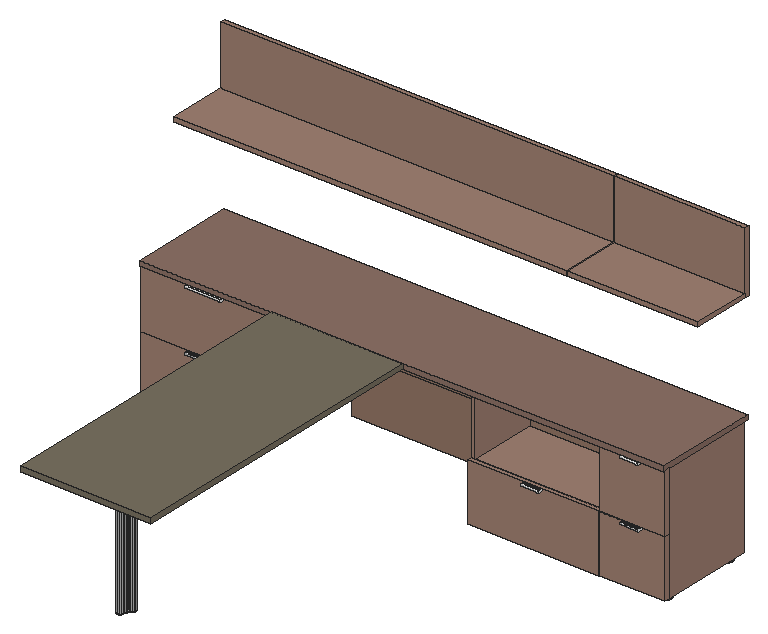
Revit family "T100092", category Furniture, Revit 2022
Family settings
  OmniClass Number = 23.40.20.00
  OmniClass Title = General Furniture and Specialties
  Work Plane-Based = No
  Always vertical = Yes
  Cut with Voids When Loaded = No
  Render Appearance Source = Family Geometry
  Shared = No
  Room Calculation Point = No
Parameters (values of type "T100092")
  URL = "https://ofs.com/"
  Model = "T100092"
  Manufacturer = "OFS"
  Description = "OFS TYPICAL T100092"
  Default Elevation = 0' - 0"
  Copyright © = "©OFS 2021"
  Catalog = "https://ofs.com/2020-experience"
  Authoring Version = "Autodesk Revit Architecture 2015"
  Assembly Code = "E2020400"
Reference planes (in)
  plane 1 "Center Front/Back": y = 0
  plane 2: z = 0
  plane 3 "Center Left/Right": x = 0
Dimensions and locks (in)
  aligned and locked: level to plane 2
  aligned and locked: nested 10 to nested 9
Nested families (in)
  nested 1: "OFS_APTOS_MODULAR_CABINET_TOP_LONG_GRAIN" at (-0.00001, 16.6243, 0) x (-1, 0, 0) z (0, 0, 1), type "MODULAR CABINET TOP 34-12024"
  nested 2: "OFS_APTOS_FILLER_PANEL" at (49, 28.12379, 0.75) x (1, 0, 0) z (0, 0, 1), type "FILLER PANEL 34-2806."
    with W 0' - 8"
  nested 3: "OFS_APTOS_FOLD_ DOWN _ACCESS_ BACK _PANEL" at (9.51255, 25.6404, 0) x (0, -1, 0) z (0, 0, 1), type "FOLD DOWN ACCESS BACK PANEL 34-28MFBA"
  nested 4: "OFS_APTOS_RUNOFF _WORKSURFACE_RECTANGLE" at (-14.73264, -31.37571, 0) x (0, 1, 0) z (0, 0, 1), type "RUNOFF WORKSURFACE, RECTANGLE 34-7230"
  nested 5: "OFS_APTOS_LOW_HEIGHT_MODULAR_BACK_PANEL" at (29.77847, 22.21413, 0), type "LOW HEIGHT MODULAR BACK PANEL 34-L2830"
  nested 6: "OFS_APTOS_TRIFOIL_COLUMN" at (-14.73263, -56.12803, 0) x (0, -1, 0) z (0, 0, 1), type "TRIFOIL COLUMN 34-TFC"
  nested 7: "APTOS WORKSURFACE HEIGHT MODULAR PEDESTAL FILE-FILE 15-18IN" at (52.5, 27.68934, 0), type "APTOS WORKSURFACE HEIGHT MODULAR PEDESTAL FILE-FILE 15W x 24D"
  nested 8: "APTOS WORKSURFACE HEIGHT MODULAR PEDESTAL FILE-FILE 30-36IN" at (-45, 27.49929, 0), type "APTOS WORKSURFACE HEIGHT MODULAR PEDESTAL FILE-FILE 30W x 24D"
  nested 9: "APTOS WALLMOUNT OPEN SHELF ORGANIZER Cantilevered Fixed Shelf" at (45.11188, 28.75, 0), type "APTOS WALLMOUNT OPEN SHELF ORGANIZER Cantilevered Fixed Shelf 30""
    with Bottom Board Offset 4' - 5 3/4"
  nested 10: "APTOS WALLMOUNT OPEN SHELF ORGANIZER Cantilevered Fixed Shelf" at (-14.88812, 28.75, 0), type "APTOS WALLMOUNT OPEN SHELF ORGANIZER Cantilevered Fixed Shelf 90""
    with Bottom Board Offset 4' - 5 3/4"
  nested 11: "OFS_APTOS_FILLER_PANEL" at (-56, 28.12379, 0.75) x (1, 0, 0) z (0, 0, 1), type "FILLER PANEL 34-2806."
    with W 0' - 8"
  nested 12: "OFS_APTOS_FILLER_PANEL" at (9.51255, 28.09901, 0), type "FILLER PANEL 34-2806"
  nested 13: "OFS APTOS Worksurface Height Modular Pedestal Open-File 18" at (29.86188, 27.6243, 0), type "Worksurface Height Modular Pedestal Open/File 18"
    with Width 2' - 6"
Definition of nested family "OFS_APTOS_MODULAR_CABINET_TOP_LONG_GRAIN"
  Parameters (values of type "MODULAR CABINET TOP 34-9024")
    W = 7' - 6"
    URL = "http://ofsbrands.com/products/casegoods/private-office/aptos"
    Model = "34-9024MCT"
    Manufacturer = "OFS BRANDS"
    H = 0' - 1 3/16"
    MODULAR CABINET TOP = none
    Description = "OFS BRANDS Aptos Series"
    Default Elevation = 0' - 0"
    D = 2' - 0"
    Cost = 0
    Copyright © = "© OFS BRANDS 2016"
    Catalog = "OFS BRANDS http://ofs.com"
    Authoring Version = "Autodesk Revit Architecture 2013"
    Assembly Code = "E2020200"
  Types (17): name | W | Model
    (no name) | 7' - 6" | "34-9024MCT"
    MODULAR CABINET TOP 34-11424 | 9' - 6" | "34-11424MCT"
    MODULAR CABINET TOP 34-12024 | 10' - 0" | "34-12024MCT"
    MODULAR CABINET TOP 34-10824 | 9' - 0" | "34-10824MCT"
    MODULAR CABINET TOP 34-10224 | 8' - 6" | "34-10224MCT"
    MODULAR CABINET TOP 34-9624 | 8' - 0" | "34-9624MCT"
    MODULAR CABINET TOP 34-9024 | 7' - 6" | "34-9024MCT"
    MODULAR CABINET TOP 34-8424 | 7' - 0" | "34-8424MCT"
    MODULAR CABINET TOP 34-7824 | 6' - 6" | "34-7824MCT"
    MODULAR CABINET TOP 34-7224 | 6' - 0" | "34-7224MCT"
    MODULAR CABINET TOP 34-6624 | 5' - 6" | "34-6624MCT"
    MODULAR CABINET TOP 34-6024 | 5' - 0" | "34-6024MCT"
    MODULAR CABINET TOP 34-5424 | 4' - 6" | "34-5424MCT"
    MODULAR CABINET TOP 34-4824 | 4' - 0" | "34-4824MCT"
    MODELAR CABINET TOP 34-4224 | 3' - 6" | "34-4224MCT"
    MODELAR CABINET TOP 34-3624 | 3' - 0" | "34-3624MCT"
    MODULAR CABINET TOP 34-3024 | 2' - 6" | "34-3024MCT"
  Reference planes (in)
    plane 1 "Center (Front/Back)": y = 0
    plane 2: z = 0
    plane 3 "Center (Left/Right)": x = 0
    plane 4: x = -45
    plane 5: x = 45
    plane 6: y = 12
    plane 7: y = -12
    plane 8: z = 28.3125
    plane 9: z = 29.5
  Forms (in)
    Extrusion 1, solid, material <- "MODULAR CABINET TOP"
      sketch origin (0, 0, 0) x (1, 0, 0) y (0, 1, 0)
        loop
          line (-45, 12) -> (-45, -12) -> (45, -12) -> (45, 12) -> (-45, 12)
      from 28.3125 to 29.5
  Dimensions and locks (in)
    equal spacing: plane 4, plane 3 "Center (Left/Right)", plane 5
    equal spacing: plane 7, plane 1 "Center (Front/Back)", plane 6
    "D": plane 7 to plane 6
    "H": plane 9 to plane 8
    plane 8 to level = 2' - 4 5/16"
    "W": plane 4 to plane 5
    aligned and locked: level to plane 2
    aligned and locked: plane 6 to Extrusion 1 sketch curve
    aligned and locked: plane 4 to Extrusion 1 sketch curve
    aligned and locked: Extrusion 1 sketch curve to plane 7
    aligned and locked: Extrusion 1 sketch curve to plane 5
    aligned and locked: Extrusion 1 to plane 9
    aligned and locked: Extrusion 1 to plane 8
Definition of nested family "OFS_APTOS_FILLER_PANEL"
  Parameters (values of type "FILLER PANEL 34-2806")
    W = 0' - 6"
    URL = "http://ofsbrands.com/products/casegoods/private-office/aptos"
    Model = "34-2806BFP"
    Manufacturer = "OFS BRANDS"
    FILLER PANEL = none
    Description = "OFS BRANDS Aptos Series"
    Default Elevation = 0' - 0"
    D = 0' - 1"
    Cost = 0
    Copyright © = "© OFS BRANDS 2016"
    Catalog = "OFS BRANDS http://ofs.com"
    Authoring Version = "Autodesk Revit Architecture 2013"
    Assembly Code = "E2020200"
    1 = 0' - 0.06"
  Reference planes (in)
    plane 1 "Center (Front/Back)": y = 0
    plane 2: z = 0
    plane 3 "Center (Left/Right)": x = 0
    plane 4: x = -3
    plane 5: x = 3
    plane 6: y = 0.5
    plane 7: y = -0.5
    plane 8: z = 1.5
    plane 9: z = 28.312
    plane 10: y = -0.61861
    plane 11: x = -2.94
    plane 12: x = -2.25
    plane 13: x = 2.94
    plane 14: x = 2.25
    plane 15: z = 28.2495
    plane 16: z = 1.5625
  Forms (in)
    Extrusion 1, solid, material <- "FILLER PANEL"
      sketch origin (0, 0, 0) x (1, 0, 0) y (0, 1, 0)
        loop
          line (-3, 0.5) -> (-3, -0.5) -> (3, -0.5) -> (3, 0.5) -> (-3, 0.5)
      from 1.5 to 28.312
    Extrusion 2, solid, material <- "FILLER PANEL"
      sketch origin (0, 0, 0) x (1, 0, 0) y (0, 1, 0)
        loop
          line (-2.94, -0.5) -> (-2.94, -0.61861) -> (-2.25, -0.61861) -> (-2.25, -0.5) -> (-2.94, -0.5)
      from 1.5625 to 28.2495
    Extrusion 3, solid, material <- "FILLER PANEL"
      sketch origin (0, 0, 0) x (1, 0, 0) y (0, 1, 0)
        loop
          line (2.25, -0.5) -> (2.25, -0.61861) -> (2.94, -0.61861) -> (2.94, -0.5) -> (2.25, -0.5)
      from 1.5625 to 28.2495
  Dimensions and locks (in)
    equal spacing: plane 7, plane 1 "Center (Front/Back)", plane 6
    "D": plane 7 to plane 6
    "W": plane 4 to plane 5
    equal spacing: plane 4, plane 3 "Center (Left/Right)", plane 5
    locked: plane 10 to plane 7 at 0.11861
    "1": plane 4 to plane 11
    locked: plane 11 to plane 12 at 0.69
    locked: plane 14 to plane 13 at 0.69
    "1": plane 13 to plane 5
    aligned and locked: level to plane 2
    aligned and locked: plane 6 to Extrusion 1 sketch curve
    aligned and locked: plane 4 to Extrusion 1 sketch curve
    aligned and locked: Extrusion 1 sketch curve to plane 7
    aligned and locked: Extrusion 1 sketch curve to plane 5
    aligned and locked: plane 7 to Extrusion 2 sketch curve
    aligned and locked: plane 11 to Extrusion 2 sketch curve
    aligned and locked: Extrusion 2 sketch curve to plane 10
    aligned and locked: Extrusion 2 sketch curve to plane 12
    aligned and locked: plane 15 to Extrusion 2
    aligned and locked: Extrusion 2 to plane 16
    aligned and locked: plane 7 to Extrusion 3 sketch curve
    aligned and locked: plane 14 to Extrusion 3 sketch curve
    aligned and locked: Extrusion 3 sketch curve to plane 10
    aligned and locked: Extrusion 3 sketch curve to plane 13
    aligned and locked: plane 15 to Extrusion 3
    aligned and locked: Extrusion 1 to plane 8
    aligned and locked: plane 9 to Extrusion 1
Definition of nested family "OFS_APTOS_FOLD_ DOWN _ACCESS_ BACK _PANEL"
  Parameters (values of type "FOLD DOWN ACCESS BACK PANEL 34-28MFBB")
    W = 4' - 0.06"
    URL = "http://ofsbrands.com/products/casegoods/private-office/aptos"
    Support Bracket in Center Attaches to Worksurface = yes
    Support Bracket = none
    Model = "34-28MFBB"
    Manufacturer = "OFS BRANDS"
    H2 = 0' - 10.99482"
    H1 = 1' - 1 15/64"
    H = 2' - 2.48325"
    FOOT_2 = none
    FOOT = none
    Panel = none
    Description = "OFS BRANDS Aptos Series"
    Default Elevation = 0' - 0"
    D = 0' - 5 3/4"
    Cost = 0
    Copyright © = "© OFS BRANDS 2016"
    Catalog = "OFS BRANDS http://ofs.com"
    Authoring Version = "Autodesk Revit Architecture 2013"
    Assembly Code = "E2020200"
  Types (5): name | W | Support Bracket in Center Attaches to Worksurface | Model
    (no name) | 4' - 0.06" | yes | "34-28MFBB"
    FOLD DOWN ACCESS BACK PANEL 34-28MFBD | 1' - 0" | no | "34-28MFBD"
    FOLD DOWN ACCESS BACK PANEL 34-28MFBC | 2' - 6" | no | "34-28MFBC"
    FOLD DOWN ACCESS BACK PANEL 34-28MFBB | 4' - 0.06" | yes | "34-28MFBB"
    FOLD DOWN ACCESS BACK PANEL 34-28MFBA | 5' - 11" | yes | "34-28MFBA"
  Reference planes (in)
    plane 1 "Center (Front/Back)": y = 0
    plane 2: z = 0
    plane 3 "Center (Left/Right)": x = 0
    plane 4: x = -2.875
    plane 5: x = 2.875
    plane 6: y = 24.03
    plane 7: y = -24.03
    plane 8 "F2": y = 22.00621
    plane 9 "F1": y = -22.0534
    plane 10: z = 1.533
    plane 11: z = 28.01625
    plane 12: z = 14.76737
    plane 13: z = 14.80084
    plane 14: y = -0.3984
    plane 15: y = 0.3984
    plane 16: z = 25.79566
    plane 17: y = -23.3034
    plane 18: y = 23.2566
    plane 19: x = 2.12238
    plane 20 "C/F1": x = -0.38035
    plane 21: z = 2.303
  Forms (in)
    Revolve 1, solid, material <- "FOOT"
      sketch origin (0, -22.0534, 0) x (1, 0, 0) y (0, 0, 1)
        loop
          line (-1.25039, 1.533) -> (-1.22861, 0.28477)
          arc (-1.22861, 0.28477) -> (-1.2202, 0.26319) -> (-1.20117, 0.25) r 0.0396
          line (-1.20117, 0.25) -> (-0.38035, 0.25) -> (-0.38035, 1.533) -> (-1.25039, 1.533)
        axis (-0.38035, 1.533) -> (-0.38035, 0.25)
      angle from 0 to 360
    Revolve 2, solid, material <- "FOOT_2"
      sketch origin (0, -22.0534, 0) x (1, 0, 0) y (0, 0, 1)
        loop
          line (-0.31794, 0.27519) -> (-0.31794, 0.2076)
          arc (-0.31794, 0.2076) -> (-0.30116, 0.18781) -> (-0.27956, 0.17346) r 0.09254
          line (-0.27956, 0.17346) -> (-0.16114, 0.17346) -> (-0.16114, 0) -> (0.0425, 0)
          arc (0.0425, 0) -> (0.15303, 0.11053) -> (0.0425, 0.22106) r 0.11053
          line (0.0425, 0.22106) -> (-0.0155, 0.22106) -> (-0.0155, 0.27519) -> (-0.31794, 0.27519)
        axis (-0.38035, 0.27519) -> (-0.38035, 0)
      angle from 0 to 360
    Revolve 3, solid, material <- "FOOT"
      sketch origin (0, 22.00621, 0) x (1, 0, 0) y (0, 0, 1)
        loop
          line (-0.38035, 0.25) -> (0.43242, 0.25)
          arc (0.43242, 0.25) -> (0.45657, 0.25988) -> (0.46687, 0.28385) r 0.03445
          line (0.46687, 0.28385) -> (0.48868, 1.533) -> (-0.38035, 1.533) -> (-0.38035, 0.25)
        axis (-0.38035, 0.25) -> (-0.38035, 1.533)
      angle from 0 to 360
    Revolve 4, solid, material <- "FOOT_2"
      sketch origin (0, 22.00621, 0) x (1, 0, 0) y (0, 0, 1)
        loop
          line (-0.32347, 0.283) -> (-0.32347, 0.2406)
          arc (-0.32347, 0.2406) -> (-0.31333, 0.20185) -> (-0.28509, 0.17346) r 0.0769
          line (-0.28509, 0.17346) -> (-0.16667, 0.17346) -> (-0.16667, 0) -> (0.0439, 0)
          arc (0.0439, 0) -> (0.1543, 0.11039) -> (0.0439, 0.22079) r 0.11039
          line (0.0439, 0.22079) -> (-0.01518, 0.22079) -> (-0.01518, 0.283) -> (-0.32347, 0.283)
        axis (-0.38035, 0.283) -> (-0.38035, 0)
      angle from 0 to 360
    Extrusion 5, solid, material <- "Panel"
      sketch origin (0, 0, 0) x (1, 0, 0) y (0, 1, 0)
        loop
          line (-2.875, 24.03) -> (-2.875, 23.2566) -> (2.12238, 23.2566) -> (2.12238, 24.03) -> (-2.875, 24.03)
      from 1.533 to 28.01625
    Extrusion 6, solid, material <- "Panel"
      sketch origin (0, 0, 0) x (1, 0, 0) y (0, 1, 0)
        loop
          line (-2.875, -23.3034) -> (-2.875, -24.03) -> (2.12238, -24.03) -> (2.12238, -23.3034) -> (-2.875, -23.3034)
      from 1.533 to 28.01625
    Extrusion 7, solid, material <- "Panel"
      sketch origin (0, 0, 0) x (1, 0, 0) y (0, 1, 0)
        loop
          line (2.875, 24.03) -> (2.12238, 24.03) -> (2.12238, -24.03) -> (2.875, -24.03) -> (2.875, 24.03)
      from 1.533 to 14.76737
    Extrusion 8, solid, material <- "Panel"
      sketch origin (0, 0, 13.26784) x (1, 0, 0) y (0, 1, 0)
        loop
          line (2.875, 24.03) -> (2.12238, 24.03) -> (2.12238, -24.03) -> (2.875, -24.03) -> (2.875, 24.03)
      from 1.533 to 12.52782
    Extrusion 9, solid, material <- "Panel"
      sketch origin (0, 0, 0) x (1, 0, 0) y (0, 1, 0)
        loop
          line (-2.875, 23.2566) -> (-2.875, -23.3034) -> (2.12238, -23.3034) -> (2.12238, 23.2566) -> (-2.875, 23.2566)
      from 1.533 to 2.303
    Extrusion 10, solid, material <- "Panel", visible <- "Support Bracket in Center Attaches to Worksurface"
      sketch origin (0, 0, 0) x (1, 0, 0) y (0, 1, 0)
        loop
          line (-2.875, 0.3984) -> (-2.875, -0.3984) -> (2.12238, -0.3984) -> (2.12238, 0.3984) -> (-2.875, 0.3984)
      from 2.303 to 27.76625
    Extrusion 11, solid, material <- "Panel", visible <- "Support Bracket in Center Attaches to Worksurface"
      sketch origin (0, 0, 0) x (0, 1, 0) y (0, 0, 1)
        loop
          line (0.05, 25.79566) -> (-0.05, 25.79566) -> (-0.05, 14.80084) -> (0.05, 14.80084) -> (0.05, 25.79566)
      from 2.12238 to 2.875
  Dimensions and locks (in)
    equal spacing: plane 4, plane 3 "Center (Left/Right)", plane 5
    equal spacing: plane 7, plane 1 "Center (Front/Back)", plane 6
    "W": plane 7 to plane 6
    "D": plane 4 to plane 5
    locked: plane 8 "F2" to plane 6 at 2.02379
    locked: plane 9 "F1" to plane 7 at 1.9766
    plane 11 to plane 10 = 2' - 2.48325"
    plane 10 to level = 0' - 1.533"
    plane 13 to plane 12 = 0' - 0.03346"
    "H1": plane 12 to plane 10
    equal spacing: plane 15, plane 1 "Center (Front/Back)", plane 14
    plane 15 to plane 14 = 0' - 0.7968"
    "H": plane 11 to plane 10
    "H2": plane 16 to plane 13
    plane 7 to Extrusion 8 = 4' - 0.06"
    locked: plane 19 to plane 5 at 0.75262
    locked: plane 18 to plane 6 at 0.7734
    locked: plane 7 to plane 17 at 0.7266
    plane 7 to Extrusion 9 = 3' - 11.2866"
    aligned and locked: level to plane 2
    aligned and locked: Revolve 1 to Revolve 2 sketch curve
    aligned and locked: plane 6 to Extrusion 5 sketch curve
    aligned and locked: Extrusion 5 sketch curve to plane 18
    aligned and locked: plane 4 to Extrusion 5 sketch curve
    aligned and locked: Extrusion 6 sketch curve to plane 7
    aligned and locked: plane 17 to Extrusion 6 sketch curve
    aligned and locked: plane 4 to Extrusion 6 sketch curve
    aligned and locked: plane 11 to Extrusion 6
    aligned and locked: Extrusion 6 to plane 10
    aligned and locked: plane 7 to Extrusion 7 sketch curve
    aligned and locked: Extrusion 7 sketch curve to plane 19
    aligned and locked: plane 5 to Extrusion 7 sketch curve
    aligned and locked: Extrusion 7 sketch curve to plane 6
    aligned and locked: plane 12 to Extrusion 7
    aligned and locked: Extrusion 7 to plane 10
    aligned and locked: plane 16 to Extrusion 8
    aligned and locked: plane 7 to Extrusion 8
    aligned and locked: Extrusion 8 to plane 6
    aligned and locked: Extrusion 5 sketch curve to plane 19
    aligned and locked: Extrusion 6 sketch curve to plane 19
    aligned and locked: Extrusion 9 sketch curve to Extrusion 5  (x2)
    aligned and locked: Extrusion 9 sketch curve to Extrusion 6  (x2)
    aligned and locked: plane 21 to Extrusion 9
    aligned and locked: Extrusion 9 to plane 10
    aligned and locked: Revolve 2 sketch curve to plane 20 "C/F1"
    aligned and locked: Revolve 1 sketch curve to plane 20 "C/F1"
    aligned and locked: Revolve 1 sketch curve to Revolve 1 sketch curve
    aligned and locked: Revolve 3 sketch curve to plane 20 "C/F1"
    aligned and locked: Revolve 3 sketch curve to Revolve 3 sketch curve
    aligned and locked: plane 20 "C/F1" to Revolve 4 sketch curve
    aligned and locked: plane 15 to Extrusion 10 sketch curve
    aligned and locked: plane 4 to Extrusion 10 sketch curve
    aligned and locked: Extrusion 10 sketch curve to plane 14
    aligned and locked: Extrusion 10 sketch curve to plane 19
    aligned and locked: Extrusion 10 to Extrusion 9
    aligned and locked: plane 1 "Center (Front/Back)" to nested 1
    aligned and locked: Extrusion 11 sketch curve to plane 16
    aligned and locked: plane 13 to Extrusion 11 sketch curve
    aligned and locked: Extrusion 8 to Extrusion 11
    aligned and locked: Extrusion 11 to Extrusion 10
  Automatic sketch dimensions
    plane 6 to Extrusion 8 sketch curve = 0' - 0"
    Extrusion 8 sketch curve to plane 19 = 0' - 0"
    Extrusion 8 sketch curve to plane 5 = 0' - 0"
    plane 7 to Extrusion 8 sketch curve = 0' - 0"
    Revolve 2 sketch curve to level = 0' - 0"
    Revolve 2 sketch curve to plane 20 "C/F1" = 0' - 0.06242"
    Revolve 2 sketch curve to Revolve 2 sketch curve = 0' - 0.03838"
    plane 3 "Center (Left/Right)" to Revolve 2 sketch curve = 0' - 0.16114"
    plane 3 "Center (Left/Right)" to Revolve 2 sketch curve = 0' - 0.0155"
    Revolve 2 sketch curve to Revolve 2 sketch curve = 0' - 0.0399"
    Revolve 2 sketch curve to Revolve 2 sketch curve = 0' - 0.04761"
    Revolve 2 sketch curve to Revolve 2 sketch curve = 0' - 0.0424"
    Revolve 2 sketch curve to Revolve 2 sketch curve = 0' - 0.05412"
    level to Revolve 2 sketch curve = 0' - 0.30361"
    Revolve 2 sketch curve to level = 0' - 0.11053"
    Revolve 2 sketch curve to plane 3 "Center (Left/Right)" = 0' - 0.0425"
    Revolve 1 sketch curve to plane 10 = 0' - 0"
    Revolve 1 sketch curve to level = 0' - 0 1/4"
    Revolve 1 sketch curve to Revolve 1 sketch curve = 0' - 0.02744"
    Revolve 1 sketch curve to Revolve 1 sketch curve = 0' - 0.03949"
    level to Revolve 1 sketch curve = 0' - 0.91391"
    Revolve 1 sketch curve to Revolve 1 sketch curve = 0' - 0.03773"
    plane 21 to Revolve 1 sketch curve = 0' - 0.36257"
    Revolve 3 sketch curve to plane 10 = 0' - 0"
    level to Revolve 3 sketch curve = 0' - 0 1/4"
    plane 3 "Center (Left/Right)" to Revolve 3 sketch curve = 0' - 0.43242"
    level to Revolve 3 sketch curve = 0' - 0.28385"
    Revolve 3 sketch curve to Revolve 3 sketch curve = 0' - 0.03445"
    plane 3 "Center (Left/Right)" to Revolve 3 sketch curve = 0' - 0.48868"
    Revolve 3 sketch curve to level = 0' - 0 1/4"
    Revolve 3 sketch curve to plane 21 = 0' - 0.303"
    Revolve 4 sketch curve to level = 0' - 0"
    plane 20 "C/F1" to Revolve 4 sketch curve = 0' - 0.05688"
    Revolve 4 sketch curve to Revolve 4 sketch curve = 0' - 0.03838"
    Revolve 4 sketch curve to plane 3 "Center (Left/Right)" = 0' - 0.16667"
    Revolve 4 sketch curve to plane 3 "Center (Left/Right)" = 0' - 0.01518"
    Revolve 4 sketch curve to Revolve 4 sketch curve = 0' - 0.03852"
    plane 3 "Center (Left/Right)" to Revolve 4 sketch curve = 0' - 0.0439"
    Revolve 4 sketch curve to Revolve 4 sketch curve = 0' - 0.04733"
    Revolve 4 sketch curve to Revolve 4 sketch curve = 0' - 0.06714"
    Revolve 4 sketch curve to Revolve 4 sketch curve = 0' - 0.06221"
    Revolve 4 sketch curve to level = 0' - 0.30891"
    Revolve 4 sketch curve to Revolve 4 sketch curve = 0' - 0.11039"
    Revolve 4 sketch curve to Revolve 4 sketch curve = 0' - 0.217"
    plane 20 "C/F1" to Revolve 1 sketch curve = 0' - 0.87004"
    plane 20 "C/F1" to Revolve 1 sketch curve = 0' - 0.84826"
    plane 1 "Center (Front/Back)" to Extrusion 11 sketch curve = 0' - 0.05"
    Extrusion 11 sketch curve to plane 1 "Center (Front/Back)" = 0' - 0.05"
  Nested families (in)
    nested 1: "Support Bracket" at (2.875, 0, 0), visible <- "Support Bracket in Center Attaches to Worksurface", type "Support Bracket"
  Definition of nested family "Support Bracket"
    Parameters
      Support Bracket = none
      Default Elevation = 0' - 0"
    Reference planes (in)
      plane 1 "Center (Front/Back)": y = 0
      plane 2: z = 0
      plane 3 "Center (Left/Right)": x = 0
    Forms (in)
      Extrusion 1, solid, material <- "Support Bracket"
        sketch origin (0, 0, 0) x (0, 1, 0) y (0, 0, 1)
          loop
            line (0.375, 26.01625) -> (0.5, 26.01625) -> (0.5, 28.01625) -> (-0.5, 28.01625) -> (-0.5, 26.01625) -> (-0.375, 26.01625) -> (-0.375, 27.89125) -> (0.375, 27.89125) -> (0.375, 26.01625)
        from -5.75 to 9.45905
      Extrusion 2, void
        sketch origin (0, 0, 0) x (1, 0, 0) y (0, 0, 1)
          loop
            line (10.99821, 27.4092) -> (-0.75, 26.01625) -> (-0.75, 25.01625) -> (10.99821, 24.81118) -> (10.99821, 27.4092)
        from -6.30578 to 12
    Cuts and joins
      Extrusion 2 cuts Extrusion 1
    Dimensions and locks (in)
      aligned and locked: level to plane 2
Definition of nested family "OFS_APTOS_RUNOFF _WORKSURFACE_RECTANGLE"
  Parameters (values of type "RUNOFF WORKSURFACE, RECTANGLE 34-6030")
    W = 5' - 0"
    URL = "http://ofsbrands.com/products/casegoods/private-office/aptos"
    Model = "34-6030RT"
    Manufacturer = "OFS BRANDS"
    LOW HEIGHT MODULAR CABINET TOP = none
    Description = "OFS BRANDS  APTOS SERIES"
    Default Elevation = 0' - 0"
    D = 2' - 6"
    Copyright © = "© OFS BRANDS 2016"
    Catalog = "OFS BRANDS http://ofs.com"
    Authoring Version = "Autodesk Revit Architecture 2013"
    Assembly Code = "E2020200"
  Types (7): name | W | Model | D
    (no name) | 5' - 0" | "34-6030RT" | 2' - 6"
    RUNOFF WORKSURFACE, RECTANGLE 34-7236 | 6' - 0" | "34-7236RT" | 3' - 0"
    RUNOFF WORKSURFACE, RECTANGLE 34-6636 | 5' - 6" | "34-6636RT" | 3' - 0"
    RUNOFF WORKSURFACE, RECTANGLE 34-6036 | 5' - 0" | "34-6036RT" | 3' - 0"
    RUNOFF WORKSURFACE, RECTANGLE 34-7230 | 6' - 0" | "34-7230RT" | 2' - 6"
    RUNOFF WORKSURFACE, RECTANGLE 34-6630 | 5' - 6" | "34-6630RT" | 2' - 6"
    RUNOFF WORKSURFACE, RECTANGLE 34-6030 | 5' - 0" | "34-6030RT" | 2' - 6"
  Reference planes (in)
    plane 1 "Center (Front/Back)": y = 0
    plane 2: z = 0
    plane 3 "Center (Left/Right)": x = 0
    plane 4: x = -30
    plane 5: x = 30
    plane 6: y = 15
    plane 7: y = -15
    plane 8: z = 28.31
    plane 9: z = 29.5
  Forms (in)
    Extrusion 1, solid, material <- "LOW HEIGHT MODULAR CABINET TOP"
      sketch origin (0, 0, 0) x (1, 0, 0) y (0, 1, 0)
        loop
          line (-30, 15) -> (-30, -15) -> (30, -15) -> (30, 15) -> (-30, 15)
      from 28.31 to 29.5
  Dimensions and locks (in)
    equal spacing: plane 7, plane 1 "Center (Front/Back)", plane 6
    equal spacing: plane 4, plane 3 "Center (Left/Right)", plane 5
    "W": plane 4 to plane 5
    "D": plane 7 to plane 6
    locked: plane 9 to plane 8 at 1.19
    locked: plane 8 to plane 2 at 28.31
    aligned and locked: level to plane 2
    aligned and locked: plane 6 to Extrusion 1 sketch curve
    aligned and locked: plane 4 to Extrusion 1 sketch curve
    aligned and locked: Extrusion 1 sketch curve to plane 7
    aligned and locked: Extrusion 1 sketch curve to plane 5
    aligned and locked: Extrusion 1 to plane 9
    aligned and locked: plane 8 to Extrusion 1
Definition of nested family "OFS_APTOS_LOW_HEIGHT_MODULAR_BACK_PANEL"
  Parameters (values of type "LOW HEIGHT MODULAR BACK PANEL 34-L2860")
    W = 5' - 0"
    URL = "http://ofsbrands.com/products/casegoods/private-office/aptos"
    Model = "34-L2860MCB"
    Manufacturer = "OFS BRANDS"
    MODULAR BACK PANEL = none
    Description = "OFS BRANDS Aptos Series"
    Default Elevation = 0' - 0"
    D = 0' - 1"
    Cost = 0
    Copyright © = "© OFS BRANDS 2016"
    Catalog = "OFS BRANDS http://ofs.com"
    Authoring Version = "Autodesk Revit Architecture 2013"
    Assembly Code = "E2020200"
    W1 = 0' - 0.06"
  Types (15): name | W | Model
    (no name) | 5' - 0" | "34-L2860MCB"
    LOW HEIGHT MODULAR BACK PANEL 34-L28108 | 9' - 0" | "34-L28108MCB"
    LOW HEIGHT MODULAR BACK PANEL 34-L28102 | 8' - 6" | "34-L28102MCB"
    LOW HEIGHT MODULAR BACK PANEL 34-L2896 | 8' - 0" | "34-L2896MCB"
    LOW HEIGHT MODULAR BACK PANEL 34-L2890 | 7' - 6" | "34-L2890MCB"
    LOW HEIGHT MODULAR BACK PANEL 34-L2884 | 7' - 0" | "34-L2884MCB"
    LOW HEIGHT MODULAR BACK PANEL 34-L2878 | 6' - 6" | "34-L2878MCB"
    LOW HEIGHT MODULAR BACK PANEL 34-L2872 | 6' - 0" | "34-L2872MCB"
    LOW HEIGHT MODULAR BACK PANEL 34-L2866 | 5' - 6" | "34-L2866MCB"
    LOW HEIGHT MODULAR BACK PANEL 34-L2860 | 5' - 0" | "34-L2860MCB"
    LOW HEIGHT MODULAR BACK PANEL 34-L2854 | 4' - 6" | "34-L2854MCB"
    LOW HEIGHT MODULAR BACK PANEL 34-L2848 | 4' - 0" | "34-L2848MCB"
    LOW HEIGHT MODULAR BACK PANEL 34-L2842 | 3' - 6" | "34-L2842MCB"
    LOW HEIGHT MODULAR BACK PANEL 34-L2836 | 3' - 0" | "34-L2836MCB"
    LOW HEIGHT MODULAR BACK PANEL 34-L2830 | 2' - 6" | "34-L2830MCB"
  Reference planes (in)
    plane 1 "Center (Front/Back)": y = 0
    plane 2: z = 0
    plane 3 "Center (Left/Right)": x = 0
    plane 4: x = -30
    plane 5: x = 30
    plane 6: y = 0.5
    plane 7: y = -0.5
    plane 8: z = 1.5
    plane 9: z = 21.5
    plane 10: y = -0.61861
    plane 11: x = -29.94
    plane 12: x = -29.25
    plane 13: x = 29.94
    plane 14: x = 29.25
    plane 15: z = 21.4375
    plane 16: z = 1.5625
  Forms (in)
    Extrusion 1, solid, material <- "MODULAR BACK PANEL"
      sketch origin (0, 0, 0) x (1, 0, 0) y (0, 1, 0)
        loop
          line (-30, 0.5) -> (-30, -0.5) -> (30, -0.5) -> (30, 0.5) -> (-30, 0.5)
      from 1.5 to 21.5
    Extrusion 2, solid, material <- "MODULAR BACK PANEL"
      sketch origin (0, 0, 0) x (1, 0, 0) y (0, 1, 0)
        loop
          line (-29.94, -0.5) -> (-29.94, -0.61861) -> (-29.25, -0.61861) -> (-29.25, -0.5) -> (-29.94, -0.5)
      from 1.5625 to 21.4375
    Extrusion 3, solid, material <- "MODULAR BACK PANEL"
      sketch origin (0, 0, 0) x (1, 0, 0) y (0, 1, 0)
        loop
          line (29.25, -0.5) -> (29.25, -0.61861) -> (29.94, -0.61861) -> (29.94, -0.5) -> (29.25, -0.5)
      from 1.5625 to 21.4375
  Dimensions and locks (in)
    equal spacing: plane 7, plane 1 "Center (Front/Back)", plane 6
    "D": plane 7 to plane 6
    "W": plane 4 to plane 5
    equal spacing: plane 4, plane 3 "Center (Left/Right)", plane 5
    locked: plane 10 to plane 7 at 0.11861
    "W1": plane 4 to plane 11
    locked: plane 11 to plane 12 at 0.69
    locked: plane 14 to plane 13 at 0.69
    "W1": plane 13 to plane 5
    plane 9 to plane 8 = 1' - 8"
    locked: plane 9 to plane 15 at 0.0625
    plane 8 to level = 0' - 1 1/2"
    aligned and locked: level to plane 2
    aligned and locked: plane 6 to Extrusion 1 sketch curve
    aligned and locked: plane 4 to Extrusion 1 sketch curve
    aligned and locked: Extrusion 1 sketch curve to plane 7
    aligned and locked: Extrusion 1 sketch curve to plane 5
    aligned and locked: plane 7 to Extrusion 2 sketch curve
    aligned and locked: plane 11 to Extrusion 2 sketch curve
    aligned and locked: Extrusion 2 sketch curve to plane 10
    aligned and locked: Extrusion 2 sketch curve to plane 12
    aligned and locked: plane 15 to Extrusion 2
    aligned and locked: Extrusion 2 to plane 16
    aligned and locked: plane 7 to Extrusion 3 sketch curve
    aligned and locked: plane 14 to Extrusion 3 sketch curve
    aligned and locked: Extrusion 3 sketch curve to plane 10
    aligned and locked: Extrusion 3 sketch curve to plane 13
    aligned and locked: Extrusion 3 to plane 15
    aligned and locked: Extrusion 1 to plane 8
    aligned and locked: plane 9 to Extrusion 1
Definition of nested family "OFS_APTOS_TRIFOIL_COLUMN"
  Parameters (values of type "TRIFOIL COLUMN 34-TFC")
    URL = "http://ofsbrands.com/products/casegoods/private-office/aptos"
    Model = "34-TFC"
    Manufacturer = "OFS BRANDS"
    TRIFOIL COLUMN = none
    FOOT = none
    Description = "OFS BRANDS Aptos Series"
    Default Elevation = 0' - 0"
    Copyright © = "© OFS BRANDS 2016"
    Catalog = "OFS BRANDS http://ofs.com"
    Authoring Version = "Autodesk Revit Architecture 2013"
    Assembly Code = "E2020200"
  Reference planes (in)
    plane 1 "Center (Front/Back)": y = 0
    plane 2: z = 0
    plane 3 "Center (Left/Right)": x = 0
    plane 4: z = 28.1875
    plane 5: z = 28.375
    plane 6: y = 21
    plane 7: y = -21
    plane 8: z = 0.4375
    plane 9: z = 0.58007
  Forms (in)
    Extrusion 1, solid
      sketch origin (0, 0, 0) x (1, 0, 0) y (0, 1, 0)
        loop
          circle (0, 0) r 4.9999
      from 28.1875 to 28.375
    Extrusion 2, solid
      sketch origin (0, 0, 0) x (1, 0, 0) y (0, 1, 0)
        loop
          line (-0.36475, 1.90931) -> (-0.755, 1.96027) -> (-1.12388, 1.82309) -> (-1.386, 1.52951) -> (-1.48068, 1.1475) -> (-1.45024, 0.92643) -> (-1.36119, 0.72181) -> (-1.22014, 0.54887) -> (-1.13585, 0.45605) -> (-1.06819, 0.35048) -> (-1.01379, 0.22272)
          arc (-1.01379, 0.22272) -> (-0.99093, 0.19528) -> (-0.95673, 0.185) r 0.06202
          line (-0.95673, 0.185) -> (-0.83295, 0.185)
          arc (-0.83295, 0.185) -> (-0.80387, 0.21408) -> (-0.83295, 0.24316) r 0.02908
          line (-0.83295, 0.24316) -> (-0.89224, 0.24453)
          arc (-0.89224, 0.24453) -> (-0.91371, 0.26161) -> (-0.91319, 0.28904) r 0.03098
          line (-0.91319, 0.28904) -> (-0.82741, 0.44065) -> (-0.68392, 0.58176) -> (-0.50982, 0.67645)
          arc (-0.50982, 0.67645) -> (-0.47173, 0.67695) -> (-0.44978, 0.64581) r 0.04086
          arc (-0.44978, 0.64581) -> (-0.44715, 0.62156) -> (-0.44553, 0.59722) r 0.58591
          arc (-0.44553, 0.59722) -> (-0.4374, 0.56489) -> (-0.42431, 0.53422) r 0.21244
          arc (-0.42431, 0.53422) -> (-0.54188, 0.473) -> (-0.64712, 0.39241) r 0.76509
          line (-0.64712, 0.39241) -> (-0.59096, 0.3365) -> (-0.52408, 0.39078) -> (-0.46242, 0.42702) -> (-0.39602, 0.4536) -> (-0.3626, 0.4728) -> (-0.34027, 0.50422) -> (-0.33313, 0.5421) -> (-0.35331, 0.62265) -> (-0.33955, 0.674) -> (-0.30295, 0.7106) -> (-0.25295, 0.724) -> (-0.07378, 0.70148) -> (0.09425, 0.63532) -> (0.24707, 0.52502) -> (0.06468, 0.21645) -> (-0.04234, 0.21796) -> (-0.1347, 0.1766) -> (-0.19911, 0.09854) -> (-0.22217, 0) -> (-0.19911, -0.09853) -> (-0.13471, -0.17659) -> (-0.04236, -0.21796) -> (0.06721, -0.21371) -> (0.24744, -0.52588) -> (-0.06415, -0.69895) -> (-0.41276, -0.70614) -> (-0.7243, -0.54955) -> (-0.94065, -0.24565) -> (-0.83161, -0.24313)
          arc (-0.83161, -0.24313) -> (-0.80387, -0.21408) -> (-0.83295, -0.185) r 0.02908
          line (-0.83295, -0.185) -> (-0.99771, -0.185) -> (-1.06823, -0.35056) -> (-1.13587, -0.45608) -> (-1.22014, -0.54887) -> (-1.36119, -0.72181) -> (-1.45024, -0.92643) -> (-1.48068, -1.1475) -> (-1.386, -1.52951) -> (-1.12388, -1.82309) -> (-0.755, -1.96027) -> (-0.36475, -1.90931) -> (-0.04346, -1.682) -> (0.13448, -1.33096) -> (0.26233, -1.05326) -> (0.49037, -0.84965) -> (0.78073, -0.75396) -> (1.08515, -0.78209) -> (1.46296, -0.80626) -> (1.81118, -0.65772) -> (2.05524, -0.36831) -> (2.14285, 0) -> (2.05524, 0.36831) -> (1.81118, 0.65772) -> (1.46296, 0.80626) -> (1.08515, 0.78209) -> (0.78073, 0.75396) -> (0.49037, 0.84965) -> (0.26233, 1.05326) -> (0.13448, 1.33096) -> (-0.04346, 1.682) -> (-0.36475, 1.90931)
      from 0.58007 to 28.1875
    Extrusion 3, solid
      sketch origin (0, 0, 0) x (1, 0, 0) y (0, 1, 0)
        loop
          arc (-1.178, 0.50246) -> (-0.97658, -0.00072) -> (-1.178, -0.50389) r 0.72922
          arc (-1.178, -0.50389) -> (-1.18773, -1.76738) -> (0.04766, -1.50223) r 0.80976
          arc (0.04766, -1.50223) -> (0.52386, -0.91092) -> (1.27405, -0.79417) r 1.05188
          arc (1.27405, -0.79417) -> (2.13719, 0.10872) -> (1.08515, 0.78209) r 0.80887
          arc (1.08515, 0.78209) -> (0.49119, 0.85107) -> (0.13448, 1.33096) r 0.75354
          arc (0.13448, 1.33096) -> (-1.10266, 1.83695) -> (-1.178, 0.50246) r 0.82083
      from 0.4375 to 0.58007
    Revolve 4, solid
      sketch origin (0, 0, 0) x (1, 0, 0) y (0, 0, 1)
        loop
          line (0, 0.9375) -> (0, 0) -> (0.48491, 0)
          arc (0.48491, 0) -> (0.54068, 0.0231) -> (0.56379, 0.07888) r 0.07888
          line (0.56379, 0.07888) -> (0.56379, 0.15563)
          arc (0.56379, 0.15563) -> (0.55548, 0.18664) -> (0.53707, 0.21293) r 0.09243
          line (0.53707, 0.21293) -> (0.33409, 0.41591)
          arc (0.33409, 0.41591) -> (0.31333, 0.43184) -> (0.28779, 0.4375) r 0.06043
          line (0.28779, 0.4375) -> (0.12463, 0.4375) -> (0.12463, 0.90686) -> (0.09892, 0.9375) -> (0, 0.9375)
        axis (0, 0.9375) -> (0, 0)
      angle from 0 to 360
  Dimensions and locks (in)
    plane 4 to plane 2 = 2' - 4 3/16"
    equal spacing: plane 7, plane 1 "Center (Front/Back)", plane 6
    plane 7 to plane 6 = 3' - 6"
    aligned and locked: level to plane 2
    aligned and locked: Extrusion 1 to plane 5
    aligned and locked: plane 5 to Extrusion 1
    aligned and locked: plane 4 to Extrusion 1
    aligned and locked: plane 9 to Extrusion 2
    aligned and locked: plane 8 to Extrusion 3
    aligned and locked: Extrusion 3 to plane 9
  Automatic sketch dimensions
    plane 1 "Center (Front/Back)" to Extrusion 2 sketch curve = 0' - 0"  (x2)
    Extrusion 2 sketch curve to plane 3 "Center (Left/Right)" = 0' - 1.48068"  (x2)
    Extrusion 2 sketch curve to plane 3 "Center (Left/Right)" = 0' - 0.755"
    plane 1 "Center (Front/Back)" to Extrusion 2 sketch curve = 0' - 1.96027"
    Extrusion 2 sketch curve to Extrusion 2 sketch curve = 0' - 0.03044"  (x2)
    Extrusion 2 sketch curve to Extrusion 2 sketch curve = 0' - 0.09468"  (x2)
    Extrusion 2 sketch curve to Extrusion 2 sketch curve = 0' - 0.08906"  (x2)
    Extrusion 2 sketch curve to plane 1 "Center (Front/Back)" = 0' - 0.54887"
    Extrusion 2 sketch curve to Extrusion 2 sketch curve = 0' - 0.14104"  (x2)
    plane 1 "Center (Front/Back)" to Extrusion 2 sketch curve = 0' - 0.54887"
    plane 1 "Center (Front/Back)" to Extrusion 2 sketch curve = 0' - 0.45608"
    Extrusion 2 sketch curve to Extrusion 2 sketch curve = 0' - 0.08427"
    Extrusion 2 sketch curve to plane 1 "Center (Front/Back)" = 0' - 0.45605"
    Extrusion 2 sketch curve to Extrusion 2 sketch curve = 0' - 0.0843"
    Extrusion 2 sketch curve to Extrusion 2 sketch curve = 0' - 0.26212"  (x2)
    plane 1 "Center (Front/Back)" to Extrusion 2 sketch curve = 0' - 0.35056"
    Extrusion 2 sketch curve to Extrusion 2 sketch curve = 0' - 0.06764"
    Extrusion 2 sketch curve to plane 1 "Center (Front/Back)" = 0' - 0.35048"
    Extrusion 2 sketch curve to Extrusion 2 sketch curve = 0' - 0.06765"
    Extrusion 2 sketch curve to plane 1 "Center (Front/Back)" = 0' - 0.22272"
    Extrusion 2 sketch curve to Extrusion 2 sketch curve = 0' - 0.0544"
    Extrusion 2 sketch curve to Extrusion 2 sketch curve = 0' - 0.07052"
    Extrusion 2 sketch curve to Extrusion 2 sketch curve = 0' - 0.05706"  (x2)
    Extrusion 2 sketch curve to plane 1 "Center (Front/Back)" = 0' - 0.28904"
    Extrusion 2 sketch curve to Extrusion 2 sketch curve = 0' - 0.04354"
    Extrusion 2 sketch curve to plane 1 "Center (Front/Back)" = 0' - 0.24453"
    Extrusion 2 sketch curve to Extrusion 2 sketch curve = 0' - 0.02096"
    Extrusion 2 sketch curve to Extrusion 2 sketch curve = 0' - 0.05928"
    Extrusion 2 sketch curve to Extrusion 2 sketch curve = 0' - 0.08579"
    Extrusion 2 sketch curve to Extrusion 2 sketch curve = 0' - 0.36888"
    Extrusion 2 sketch curve to Extrusion 2 sketch curve = 0' - 0.21635"
    Extrusion 2 sketch curve to Extrusion 2 sketch curve = 0' - 0.14349"
    Extrusion 2 sketch curve to Extrusion 2 sketch curve = 0' - 0.18029"
    Extrusion 2 sketch curve to Extrusion 2 sketch curve = 0' - 0.05616"
    Extrusion 2 sketch curve to Extrusion 2 sketch curve = 0' - 0.06688"
    Extrusion 2 sketch curve to Extrusion 2 sketch curve = 0' - 0.1741"
    Extrusion 2 sketch curve to Extrusion 2 sketch curve = 0' - 0.06166"
    Extrusion 2 sketch curve to Extrusion 2 sketch curve = 0' - 0.31154"
    Extrusion 2 sketch curve to Extrusion 2 sketch curve = 0' - 0 17/256"
    Extrusion 2 sketch curve to plane 3 "Center (Left/Right)" = 0' - 0.36475"  (x2)
    Extrusion 2 sketch curve to Extrusion 2 sketch curve = 0' - 0.03343"
    Extrusion 2 sketch curve to Extrusion 2 sketch curve = 0' - 0.00928"
    Extrusion 2 sketch curve to Extrusion 2 sketch curve = 0' - 0.02233"
    Extrusion 2 sketch curve to Extrusion 2 sketch curve = 0' - 0.01376"
    Extrusion 2 sketch curve to Extrusion 2 sketch curve = 0' - 0.00713"
    Extrusion 2 sketch curve to Extrusion 2 sketch curve = 0' - 0.0366"  (x2)
    Extrusion 2 sketch curve to Extrusion 2 sketch curve = 0' - 0.05"
    Extrusion 2 sketch curve to plane 3 "Center (Left/Right)" = 0' - 0.22217"
    plane 1 "Center (Front/Back)" to Extrusion 2 sketch curve = 0' - 0.09853"
    Extrusion 2 sketch curve to Extrusion 2 sketch curve = 0' - 0.02306"
    Extrusion 2 sketch curve to plane 1 "Center (Front/Back)" = 0' - 0.09854"
    Extrusion 2 sketch curve to Extrusion 2 sketch curve = 0' - 0.02307"
    Extrusion 2 sketch curve to Extrusion 2 sketch curve = 0' - 0.0644"  (x2)
    Extrusion 2 sketch curve to plane 3 "Center (Left/Right)" = 0' - 0.07378"
    Extrusion 2 sketch curve to plane 3 "Center (Left/Right)" = 0' - 0.06415"
    Extrusion 2 sketch curve to plane 3 "Center (Left/Right)" = 0' - 0.04346"  (x2)
    Extrusion 2 sketch curve to plane 3 "Center (Left/Right)" = 0' - 0.04236"
    Extrusion 2 sketch curve to plane 3 "Center (Left/Right)" = 0' - 0.04234"
    plane 3 "Center (Left/Right)" to Extrusion 2 sketch curve = 0' - 0.06468"
    plane 3 "Center (Left/Right)" to Extrusion 2 sketch curve = 0' - 0.06721"
    plane 3 "Center (Left/Right)" to Extrusion 2 sketch curve = 0' - 0.09425"
    plane 3 "Center (Left/Right)" to Extrusion 2 sketch curve = 0' - 0.13448"  (x2)
    Extrusion 2 sketch curve to Extrusion 2 sketch curve = 0' - 0.15282"
    plane 3 "Center (Left/Right)" to Extrusion 2 sketch curve = 0' - 0.24744"
    plane 3 "Center (Left/Right)" to Extrusion 2 sketch curve = 0' - 0.26233"  (x2)
    Extrusion 2 sketch curve to Extrusion 2 sketch curve = 0' - 0.22805"  (x2)
    Extrusion 2 sketch curve to Extrusion 2 sketch curve = 0' - 0.29035"  (x2)
    Extrusion 2 sketch curve to Extrusion 2 sketch curve = 0' - 0.30442"  (x2)
    Extrusion 2 sketch curve to Extrusion 2 sketch curve = 0' - 0.37781"  (x2)
    Extrusion 2 sketch curve to plane 1 "Center (Front/Back)" = 0' - 0.65772"
    Extrusion 2 sketch curve to Extrusion 2 sketch curve = 0' - 0.34823"  (x2)
    plane 1 "Center (Front/Back)" to Extrusion 2 sketch curve = 0' - 0.65772"
    Extrusion 2 sketch curve to plane 1 "Center (Front/Back)" = 0' - 0.36831"
    Extrusion 2 sketch curve to Extrusion 2 sketch curve = 0' - 0.24406"  (x2)
    plane 1 "Center (Front/Back)" to Extrusion 2 sketch curve = 0' - 0.36831"
    Extrusion 2 sketch curve to Extrusion 2 sketch curve = 0' - 0.08761"
    Extrusion 2 sketch curve to Extrusion 2 sketch curve = 0' - 0.10502"
    Extrusion 2 sketch curve to Extrusion 2 sketch curve = 0' - 0.02751"
    Extrusion 2 sketch curve to plane 1 "Center (Front/Back)" = 0' - 0.24313"
    Extrusion 2 sketch curve to Extrusion 2 sketch curve = 0' - 0.00134"  (x2)
    plane 1 "Center (Front/Back)" to Extrusion 2 sketch curve = 0' - 0.24313"
    Extrusion 2 sketch curve to Extrusion 2 sketch curve = 0' - 0 5/256"
    Extrusion 2 sketch curve to Extrusion 2 sketch curve = 0' - 0.04052"
    Extrusion 2 sketch curve to Extrusion 2 sketch curve = 0' - 0"
    Extrusion 2 sketch curve to Extrusion 2 sketch curve = 0' - 0.00425"  (x2)
    Extrusion 2 sketch curve to Extrusion 2 sketch curve = 0' - 0.02122"
    Extrusion 2 sketch curve to Extrusion 2 sketch curve = 0' - 0.01688"
    Extrusion 2 sketch curve to Extrusion 2 sketch curve = 0' - 0.00365"
    Extrusion 2 sketch curve to Extrusion 2 sketch curve = 0' - 0.05096"
    Extrusion 2 sketch curve to Extrusion 2 sketch curve = 0' - 0.13719"  (x2)
    Extrusion 2 sketch curve to Extrusion 2 sketch curve = 0' - 0.22731"  (x2)
    Extrusion 2 sketch curve to Extrusion 2 sketch curve = 0' - 0.29358"  (x2)
    Extrusion 2 sketch curve to Extrusion 2 sketch curve = 0' - 0.35104"  (x2)
    Extrusion 2 sketch curve to Extrusion 2 sketch curve = 0' - 0.38201"  (x2)
    Extrusion 2 sketch curve to Extrusion 2 sketch curve = 0' - 0.2777"  (x2)
    Extrusion 2 sketch curve to Extrusion 2 sketch curve = 0' - 0.22107"  (x2)
    Extrusion 2 sketch curve to Extrusion 2 sketch curve = 0' - 0.20361"  (x2)
    Extrusion 2 sketch curve to Extrusion 2 sketch curve = 0' - 0.14853"
    Extrusion 2 sketch curve to Extrusion 2 sketch curve = 0' - 0.02416"  (x2)
    Extrusion 2 sketch curve to Extrusion 2 sketch curve = 0' - 0.09569"  (x2)
    Extrusion 2 sketch curve to Extrusion 2 sketch curve = 0' - 0.17294"  (x2)
    Extrusion 2 sketch curve to Extrusion 2 sketch curve = 0' - 0.46301"
    Extrusion 2 sketch curve to Extrusion 2 sketch curve = 0' - 0.00719"
    Extrusion 2 sketch curve to Extrusion 2 sketch curve = 0' - 0.30642"
    Extrusion 2 sketch curve to Extrusion 2 sketch curve = 0' - 0.17307"
    Extrusion 2 sketch curve to Extrusion 2 sketch curve = 0' - 0.11942"
    Extrusion 2 sketch curve to Extrusion 2 sketch curve = 0' - 0.06065"
    Extrusion 2 sketch curve to Extrusion 2 sketch curve = 0' - 0.04137"
    Extrusion 2 sketch curve to Extrusion 2 sketch curve = 0' - 0.07806"
    Extrusion 2 sketch curve to Extrusion 2 sketch curve = 0' - 0.03986"
    Extrusion 2 sketch curve to Extrusion 2 sketch curve = 0' - 0.04136"
    Extrusion 2 sketch curve to Extrusion 2 sketch curve = 0' - 0.09336"
    Extrusion 2 sketch curve to Extrusion 2 sketch curve = 0' - 0.05429"
    Extrusion 2 sketch curve to Extrusion 2 sketch curve = 0' - 0.05591"
    Extrusion 2 sketch curve to Extrusion 2 sketch curve = 0' - 0.03624"
    Extrusion 2 sketch curve to Extrusion 2 sketch curve = 0' - 0.15161"
    Extrusion 2 sketch curve to Extrusion 2 sketch curve = 0' - 0.02658"
    Extrusion 2 sketch curve to Extrusion 2 sketch curve = 0' - 0.0192"
    Extrusion 2 sketch curve to Extrusion 2 sketch curve = 0' - 0.03142"
    Extrusion 2 sketch curve to Extrusion 2 sketch curve = 0' - 0.30856"
    Extrusion 2 sketch curve to Extrusion 2 sketch curve = 0' - 0.03788"
    Extrusion 2 sketch curve to Extrusion 2 sketch curve = 0' - 0.18935"
    Extrusion 2 sketch curve to Extrusion 2 sketch curve = 0' - 0.08055"
    Extrusion 2 sketch curve to Extrusion 2 sketch curve = 0' - 0.1103"
    Extrusion 2 sketch curve to Extrusion 2 sketch curve = 0' - 0.05135"
    Extrusion 2 sketch curve to Extrusion 2 sketch curve = 0' - 0.0538"
    Extrusion 2 sketch curve to Extrusion 2 sketch curve = 0' - 0.06616"
    Extrusion 2 sketch curve to Extrusion 2 sketch curve = 0' - 0.0134"
    Extrusion 2 sketch curve to Extrusion 2 sketch curve = 0' - 0.22895"
    Extrusion 2 sketch curve to Extrusion 2 sketch curve = 0' - 0.02813"
    Extrusion 2 sketch curve to Extrusion 2 sketch curve = 0' - 0.20462"
    Extrusion 2 sketch curve to Extrusion 2 sketch curve = 0' - 0.00003"
    Extrusion 2 sketch curve to Extrusion 2 sketch curve = 0' - 0.00415"
    Extrusion 2 sketch curve to Extrusion 2 sketch curve = 0' - 0.11445"
    plane 1 "Center (Front/Back)" to Extrusion 3 sketch curve = 0' - 0.00072"
    Extrusion 3 sketch curve to Extrusion 3 sketch curve = 0' - 0.52781"  (x2)
    Extrusion 3 sketch curve to plane 3 "Center (Left/Right)" = 0' - 0.67633"
    Extrusion 3 sketch curve to plane 3 "Center (Left/Right)" = 0' - 0.66451"
    plane 3 "Center (Left/Right)" to Extrusion 3 sketch curve = 0' - 0.04766"
    plane 3 "Center (Left/Right)" to Extrusion 3 sketch curve = 0' - 0.13448"
    Extrusion 3 sketch curve to Extrusion 3 sketch curve = 0' - 0"
    Extrusion 3 sketch curve to Extrusion 3 sketch curve = 0' - 0.73349"
    plane 3 "Center (Left/Right)" to Extrusion 3 sketch curve = 0' - 1.0498"
    Extrusion 3 sketch curve to Extrusion 3 sketch curve = 0' - 0.21718"
    Extrusion 3 sketch curve to Extrusion 3 sketch curve = 0' - 0.22425"
    Extrusion 3 sketch curve to plane 1 "Center (Front/Back)" = 0' - 0.01247"
    Extrusion 3 sketch curve to Extrusion 3 sketch curve = 0' - 0.24892"
    plane 1 "Center (Front/Back)" to Extrusion 3 sketch curve = 0' - 0 129/256"
    plane 1 "Center (Front/Back)" to Extrusion 3 sketch curve = 0' - 0.79417"
    Extrusion 3 sketch curve to Extrusion 3 sketch curve = 0' - 0.63565"
    Extrusion 3 sketch curve to Extrusion 3 sketch curve = 0' - 0.50166"
    Revolve 4 sketch curve to plane 3 "Center (Left/Right)" = 0' - 0"  (x2)
    Revolve 4 sketch curve to plane 8 = 0' - 0"
    Revolve 4 sketch curve to level = 0' - 0"
    level to Revolve 4 sketch curve = 0' - 0.07888"
    plane 3 "Center (Left/Right)" to Revolve 4 sketch curve = 0' - 0.09892"
    plane 3 "Center (Left/Right)" to Revolve 4 sketch curve = 0' - 0.12463"
    Revolve 4 sketch curve to Revolve 4 sketch curve = 0' - 0.16317"
    plane 8 to Revolve 4 sketch curve = 0' - 0.02159"
    Revolve 4 sketch curve to Revolve 4 sketch curve = 0' - 0.04629"
    Revolve 4 sketch curve to Revolve 4 sketch curve = 0' - 0.19711"
    level to Revolve 4 sketch curve = 0' - 0.21293"
    Revolve 4 sketch curve to Revolve 4 sketch curve = 0' - 0.02672"
    Revolve 4 sketch curve to Revolve 4 sketch curve = 0' - 0.01319"
    Revolve 4 sketch curve to Revolve 4 sketch curve = 0' - 0.0573"
    Revolve 4 sketch curve to plane 9 = 0' - 0.32679"
    Revolve 4 sketch curve to Revolve 4 sketch curve = 0' - 0.03064"
    Revolve 4 sketch curve to level = 0' - 0.35752"
    Revolve 4 sketch curve to Revolve 4 sketch curve = 0' - 0.11789"
Definition of nested family "APTOS WORKSURFACE HEIGHT MODULAR PEDESTAL FILE-FILE 15-18IN"
  Parameters (values of type "APTOS WORKSURFACE HEIGHT MODULAR PEDESTAL FILE-FILE 18W x 24D")
    Width = 1' - 6"
    URL = "http://ofsbrands.com"
    Shelf Height = 1' - 1 3/16"
    Handle Lengh = 0' - 4 1/8"
    Drawer Gap = 0' - 0 1/8"
    Door Handle Material = none
    Default Elevation = 0' - 0"
    Board Thick Top = 0' - 0 3/4"
    Board Thick Door = 0' - 1 1/8"
    Depth = 1' - 10 5/8"
    Board Material = none
    Model = "34-W1824MPD3"
    Manufacturer = "OFS"
    Leg Caps Material = none
    Leg Offset = 0' - 2"
    Height = 2' - 4 5/16"
    Description = "APTOS WORKSURFACE HEIGHT MODULAR PEDESTAL FILE-FILE 18\" Width, 24\" Depth, Two File Drawers"
    Copyright © = "© OFS BRANDS 2017"
    Catalog = "APTOS http://ofsbrands.com/products/casegoods/private-office/aptos"
    Bottom Board Offset = 0' - 1 1/2"
    Board Thick Bot = 0' - 1"
    Board Thick Shelfs = 0' - 1"
    Board Thick Sides = 0' - 0 3/4"
    Board Thick Front = 0' - 0 3/4"
    Board Thick Back = 0' - 0 3/4"
    Authoring Version = "Autodesk Revit Architecture 2013"
    Assembly Code = "E2020200"
  Types (3): name | Width | Model | Description
    (no name) | 1' - 6" | "34-W1824MPD3" | "APTOS WORKSURFACE HEIGHT MODULAR PEDESTAL FILE-FILE 18\" Width, 24\" Depth, Two File Drawers"
    APTOS WORKSURFACE HEIGHT MODULAR PEDESTAL FILE-FILE 15W x 24D | 1' - 3" | "34-W1524MPD3" | "APTOS WORKSURFACE HEIGHT MODULAR PEDESTAL FILE-FILE 15\" Width, 24\" Depth, Two File Drawers"
    APTOS WORKSURFACE HEIGHT MODULAR PEDESTAL FILE-FILE 18W x 24D | 1' - 6" | "34-W1824MPD3" | "APTOS WORKSURFACE HEIGHT MODULAR PEDESTAL FILE-FILE 18\" Width, 24\" Depth, Two File Drawers"
  Reference planes (in)
    plane 1 "Center Front/Back": y = 0
    plane 2: z = 0
    plane 3 "Center Left/Right": x = 0
    plane 4 "Left End": x = -9
    plane 5 "Front End": y = -21.5
    plane 6 "Right End": x = 9
    plane 7 "Back End": y = 0
    plane 8: x = -8.25
    plane 9: x = 8.25
    plane 10: z = 14.6875
    plane 11: z = 15.6875
    plane 12: z = 1.5
    plane 13: z = 2.5
    plane 14: y = -20.75
    plane 15: y = -2
    plane 16: y = -2
    plane 17: y = -19.5
    plane 18: y = -19.5
    plane 19: x = -7
    plane 20: x = 7
    plane 21: x = 7
    plane 22: x = -7
    plane 23: y = -22.625
    plane 24: z = 14.8125
    plane 25: x = -2.0625
    plane 26: x = 2.0625
    plane 27: y = -0.75
    plane 28: z = 28.3125
    plane 29: z = 27.5625
  Forms (in)
    Extrusion 1, solid, material <- "Board Material"
      sketch origin (0, 0, 0) x (1, 0, 0) y (0, 1, 0)
        loop
          line (-9, 0) -> (-9, -21.5) -> (-8.25, -21.5) -> (-8.25, 0) -> (-9, 0)
      from 1.5 to 28.3125
    Extrusion 2, solid, material <- "Board Material"
      sketch origin (0, 0, 0) x (-1, 0, 0) y (0, -1, 0)
        loop
          line (-9, 0) -> (-8.25, 0) -> (-8.25, 21.5) -> (-9, 21.5) -> (-9, 0)
      from 1.5 to 28.3125
    Extrusion 3, solid, material <- "Board Material"
      sketch origin (0, 0, 0) x (1, 0, 0) y (0, 1, 0)
        loop
          line (-8.25, 0) -> (-8.25, -21.5) -> (8.25, -21.5) -> (8.25, 0) -> (-8.25, 0)
      from 1.5 to 2.5
    Revolve 4, solid, material <- "Leg Caps Material"
      sketch origin (0, -2, 0) x (-1, 0, 0) y (0, 0, 1)
        loop
          line (6, 0.28743) -> (6.5, 0.28743)
          arc (6.5, 0.28743) -> (6.35629, 0.14371) -> (6.5, 0) r 0.14371
          line (6.5, 0) -> (7, 0) -> (7, 1.5) -> (6, 1.5) -> (6, 0.28743)
        axis (7, 1.5) -> (7, 0)
      angle from 0 to 360
    Revolve 5, solid, material <- "Leg Caps Material"
      sketch origin (0, -2, 0) x (1, 0, 0) y (0, 0, -1)
        loop
          line (6, -0.28743) -> (6, -1.5) -> (7, -1.5) -> (7, 0) -> (6.5, 0)
          arc (6.5, 0) -> (6.35629, -0.14371) -> (6.5, -0.28743) r 0.14371
          line (6.5, -0.28743) -> (6, -0.28743)
        axis (7, -1.5) -> (7, 0)
      angle from 0 to 360
    Revolve 6, solid, material <- "Leg Caps Material"
      sketch origin (0, -19.5, 0) x (-1, 0, 0) y (0, 0, -1)
        loop
          line (6, -0.28743) -> (6, -1.5) -> (7, -1.5) -> (7, 0) -> (6.5, 0)
          arc (6.5, 0) -> (6.35629, -0.14371) -> (6.5, -0.28743) r 0.14371
          line (6.5, -0.28743) -> (6, -0.28743)
        axis (7, -1.5) -> (7, 0)
      angle from 0 to 360
    Revolve 7, solid, material <- "Leg Caps Material"
      sketch origin (0, -19.5, 0) x (1, 0, 0) y (0, 0, 1)
        loop
          line (6, 0.28743) -> (6.5, 0.28743)
          arc (6.5, 0.28743) -> (6.35629, 0.14371) -> (6.5, 0) r 0.14371
          line (6.5, 0) -> (7, 0) -> (7, 1.5) -> (6, 1.5) -> (6, 0.28743)
        axis (7, 1.5) -> (7, 0)
      angle from 0 to 360
    Extrusion 8, solid, material <- "Board Material"
      sketch origin (0, 27.875, 0) x (1, 0, 0) y (0, 1, 0)
        loop
          line (-8.25, -27.875) -> (-8.25, -28.625) -> (8.25, -28.625) -> (8.25, -27.875) -> (-8.25, -27.875)
      from 20.312 to 24.312
    Extrusion 9, solid, material <- "Board Material"
      sketch origin (0, 0, 0) x (1, 0, 0) y (0, 1, 0)
        loop
          line (9, -21.5) -> (-9, -21.5) -> (-9, -22.625) -> (9, -22.625) -> (9, -21.5)
      from 1.5 to 14.6875
    Extrusion 10, solid, material <- "Board Material"
      sketch origin (0, 0, 0) x (1, 0, 0) y (0, 1, 0)
        loop
          line (9, -21.5) -> (-9, -21.5) -> (-9, -22.625) -> (9, -22.625) -> (9, -21.5)
      from 14.8125 to 28.3125
    Extrusion 11, solid, material <- "Door Handle Material"
      sketch origin (0, 7.01942, -2.70267) x (0, 1, 0) y (0, 0, 1)
        loop
          arc (-30.44863, 17.3872) -> (-30.63506, 17.20076) -> (-30.44863, 17.01433) r 0.18644
          arc (-30.44863, 17.01433) -> (-30.36853, 17.01913) -> (-30.28958, 17.03348) r 0.66994
          arc (-30.28958, 17.03348) -> (-30.06675, 17.06125) -> (-29.84329, 17.03915) r 1.01098
          arc (-29.84329, 17.03915) -> (-29.74439, 17.02301) -> (-29.64442, 17.01609) r 1.08212
          line (-29.64442, 17.01609) -> (-29.64442, 17.39017)
          arc (-29.64442, 17.39017) -> (-29.74475, 17.37561) -> (-29.84329, 17.35174) r 1.08374
          arc (-29.84329, 17.35174) -> (-30.06697, 17.32316) -> (-30.28958, 17.35914) r 0.78757
          arc (-30.28958, 17.35914) -> (-30.36779, 17.38063) -> (-30.44863, 17.3872) r 0.43385
      from -2.0625 to 2.0625
    Extrusion 12, solid, material <- "Board Material"
      sketch origin (0, 0.67064, 0) x (1, 0, 0) y (0, 1, 0)
        loop
          line (-8.25, -1.85814) -> (-8.25, -5.85814) -> (8.25, -5.85814) -> (8.25, -1.85814) -> (-8.25, -1.85814)
      from 28.3125 to 27.5625
    Extrusion 13, solid, material <- "Door Handle Material"
      sketch origin (0, 7.01942, 3.84921) x (0, 1, 0) y (0, 0, 1)
        loop
          arc (-30.44863, 24.46032) -> (-30.63506, 24.27389) -> (-30.44863, 24.08745) r 0.18644
          arc (-30.44863, 24.08745) -> (-30.36853, 24.09226) -> (-30.28958, 24.1066) r 0.66994
          arc (-30.28958, 24.1066) -> (-30.06675, 24.13437) -> (-29.84329, 24.11227) r 1.01098
          arc (-29.84329, 24.11227) -> (-29.74439, 24.09613) -> (-29.64442, 24.08921) r 1.08212
          line (-29.64442, 24.08921) -> (-29.64442, 24.46329)
          arc (-29.64442, 24.46329) -> (-29.74475, 24.44873) -> (-29.84329, 24.42486) r 1.08374
          arc (-29.84329, 24.42486) -> (-30.06697, 24.39628) -> (-30.28958, 24.43226) r 0.78757
          arc (-30.28958, 24.43226) -> (-30.36779, 24.45376) -> (-30.44863, 24.46032) r 0.43385
      from -2.0625 to 2.0625
    Extrusion 14, solid, material <- "Board Material"
      sketch origin (0, -19.875, 0) x (1, 0, 0) y (0, 1, 0)
        loop
          line (-8.25, 4.75) -> (-8.25, 0.7511) -> (8.25, 0.7511) -> (8.25, 4.75) -> (-8.25, 4.75)
      from 28.3125 to 27.5625
